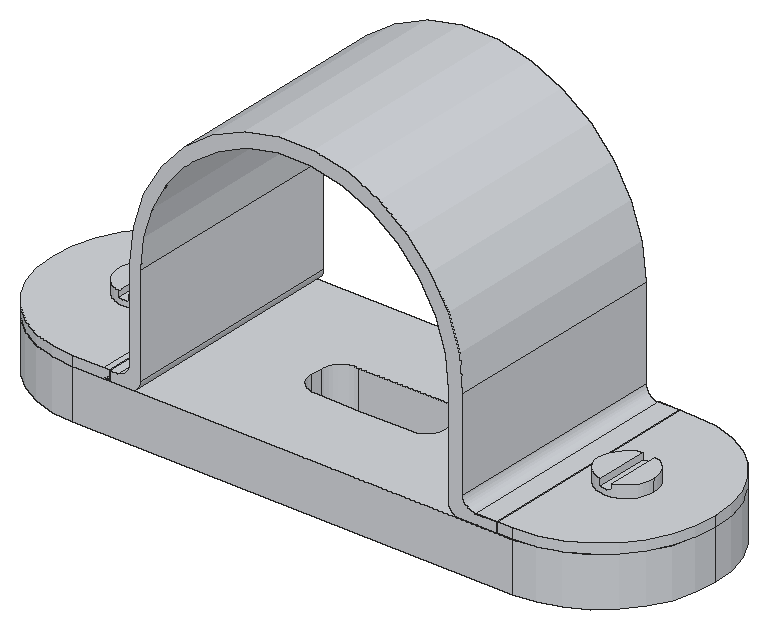
Revit family "PSBS25B", category Generic Models, Revit 2017
Family settings
  Can host rebar = No
  Round Connector Dimension = Use Diameter
  Part Type = Normal
  Work Plane-Based = Yes
  Always vertical = No
  Cut with Voids When Loaded = No
  Shared = No
  Room Calculation Point = No
Parameters (values of type "NBS Standard Parameters")
  Weight = "0.0137Kg"
  WarrantyStartDate [instance] = "1900-12-31T23:59:59"
  WarrantyGuarantorParts = "n/a"
  WarrantyGuarantorLabor = "n/a"
  WarrantyDurationUnit = "1 year"
  WarrantyDurationParts = "n/a"
  WarrantyDurationLabor = "n/a"
  WarrantyDescription = "n/a"
  Version = "1"
  Uniclass2 = "Pr_65_70_11_20"
  TagNumber [instance] = "n/a"
  SustainabilityPerformance = "n/a"
  Size = "25mm"
  Shape = "n/a"
  SerialNumber [instance] = "n/a"
  Revision = "n/a"
  ReplacementCost = "n/a"
  ProductInformation = "www.metpro.co.uk/pdf/psbs25w.pdf"
  NominalWidth = 20 mm
  NominalLength = 60 mm
  NominalHeight = 29 mm
  Name = ""
  NBSTypeID = ""
  NBSReference = "90-55-10/460"
  NBSOfficeMasterTag = ""
  NBSNote = ""
  NBSDescription = "Conduit Fittings"
  NBSCertification = ""
  ModelReference = "PSBS25B"
  ModelNumber = "n/a"
  Material = "PVC"
  ManufacturerURL = "www.metpro.co.uk"
  ManufacturerName = "Metpro Ltd"
  Keynote = "Manufactured to BS4607 Part 1"
  InstallationDate [instance] = "1900-12-31T23:59:59"
  IfcExportType = ""
  IfcExportAs = ""
  Grade = "n/a"
  Finish = "Black"
  Features = "n/a"
  ExpectedLife = "n/a"
  DurationUnit = "year"
  Description = "PSBS25B  - 25mm PVC Conduit Spacer Bar Saddles"
  Default Elevation = 1219.2 mm
  Constituents = "n/a"
  Color = "n/a"
  CodePerformance = "n/a"
  Category = "n/a"
  BarCode [instance] = "n/a"
  BIMObjectName = "Metpro_metprolibrary_conduitfittings_PVCcomponent_accessory"
  Author = "Metpro Ltd"
  AssetType = ""
  AssetIdentifier [instance] = "n/a"
  AccessibilityPerformance = "n/a"
Reference planes
  plane 1 "Center (Front/Back)": y = 0
  plane 2: z = 0
  plane 3 "Center (Left/Right)": x = 0
Forms (mm)
  Extrusion 1, solid
    sketch origin (0, 9.608, 8.892) x (1, 0, 0) y (0, 0, 1)
      loop
        line (12.5, 0) -> (12.5, -8.137)
        arc (12.5, -8.137) -> (12.734, -8.702) -> (13.3, -8.937) r 0.8
        line (13.3, -8.937) -> (16.361, -8.937) -> (16.361, -8.137) -> (14.599, -8.137)
        arc (14.599, -8.137) -> (13.908, -7.851) -> (13.622, -7.16) r 0.977
        line (13.622, -7.16) -> (13.622, 0.169)
        arc (13.622, 0.169) -> (0.122, 13.669) -> (-13.378, 0.169) r 13.5
        line (-13.378, 0.169) -> (-13.378, -7.165)
        arc (-13.378, -7.165) -> (-13.662, -7.852) -> (-14.35, -8.137) r 0.972
        line (-14.35, -8.137) -> (-15.468, -8.137) -> (-15.468, -8.953) -> (-13.355, -8.953)
        arc (-13.355, -8.953) -> (-12.75, -8.703) -> (-12.5, -8.099) r 0.855
        line (-12.5, -8.099) -> (-12.5, 0)
        arc (-12.5, 0) -> (0, 12.5) -> (12.5, 0) r 12.5
    from 0 to 18.5
  Extrusion 2, solid
    sketch origin (-23.542, 9.608, -0.061) x (0, -1, 0) y (-1, 0, 0)
      loop
        arc (18.5, -5.567) -> (15.772, 0.89) -> (9.241, 3.434) r 9.004
        arc (9.241, 3.434) -> (2.723, 0.894) -> (0, -5.55) r 8.987
        line (0, -5.55) -> (0, -41.224)
        arc (0, -41.224) -> (2.721, -47.666) -> (9.237, -50.206) r 8.986
        arc (9.237, -50.206) -> (15.771, -47.659) -> (18.5, -41.198) r 9.012
        line (18.5, -41.198) -> (18.5, -5.567)
      loop
        line (11.669, -23.542) -> (11.669, -19.735)
        arc (11.669, -19.735) -> (11.157, -18.499) -> (9.921, -17.987) r 1.748
        line (9.921, -17.987) -> (8.961, -17.987)
        arc (8.961, -17.987) -> (7.772, -18.48) -> (7.279, -19.67) r 1.683
        line (7.279, -19.67) -> (7.279, -27.345)
        arc (7.279, -27.345) -> (7.781, -28.557) -> (8.994, -29.06) r 1.715
        line (8.994, -29.06) -> (9.979, -29.06)
        arc (9.979, -29.06) -> (11.174, -28.565) -> (11.669, -27.37) r 1.69
        line (11.669, -27.37) -> (11.669, -23.542)
    from 0 to 4
  Extrusion 3, solid
    sketch origin (10.708, 9.608, 0.755) x (1, 0, 0) y (0, 1, 0)
      loop
        circle (8.769, -9.237) r 2.242
      loop
        circle (-30.191, -9.237) r 2.242
    from 0 to 0.948
  Extrusion 4, void
    sketch origin (10.708, 9.608, 1.704) x (0, 1, 0) y (1, 0, 0)
      loop
        line (-11.916, -29.82) -> (-11.916, -30.657) -> (-6.427, -30.657) -> (-6.427, -29.82) -> (-11.916, -29.82)
      loop
        line (-11.916, 8.318) -> (-6.283, 8.318) -> (-6.283, 9.317) -> (-11.916, 9.317) -> (-11.916, 8.318)
    from 0 to 0.5
  Extrusion 5, solid
    sketch origin (-13.378, 9.608, 0.755) x (-1, 0, 0) y (0, -1, 0)
      loop
        line (4.598, 18.5) -> (1.646, 18.5) -> (1.646, 0) -> (4.615, 0)
        arc (4.615, 0) -> (11.059, 2.723) -> (13.599, 9.241) r 8.987
        arc (13.599, 9.241) -> (11.054, 15.772) -> (4.598, 18.5) r 9.004
      loop
        line (-31.059, 0) -> (-28.144, 0) -> (-28.144, 18.5) -> (-31.033, 18.5)
        arc (-31.033, 18.5) -> (-37.494, 15.771) -> (-40.042, 9.237) r 9.012
        arc (-40.042, 9.237) -> (-37.501, 2.721) -> (-31.059, 0) r 8.986
    from 0 to -0.8
Cuts and joins
  Extrusion 4 cuts Extrusion 2
  Extrusion 4 cuts Extrusion 3
Dimensions and locks
  aligned and locked: level to plane 2
